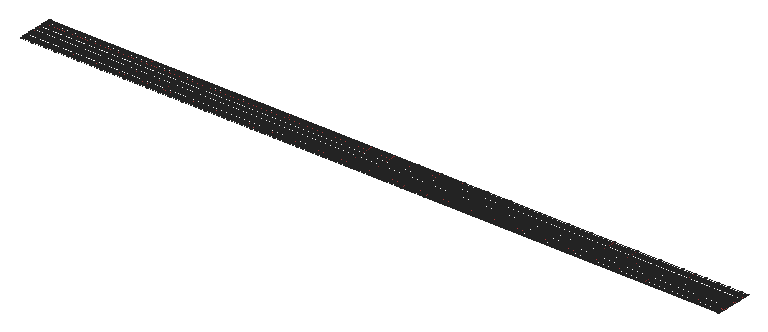
Revit family "Murfor Compact I-100 Masonry Reinforcement", category Specialty Equipment, Revit 2018
Family settings
  Round Connector Dimension = Use Diameter
  Part Type = Normal
  Work Plane-Based = No
  Always vertical = Yes
  Cut with Voids When Loaded = No
  Shared = No
  Room Calculation Point = No
Parameters (values of type "Murfor Compact I-100")
  Z = 101.50 mm
  Youngs Modulus - Gpa = 180
  Yield Strength - Mpa = 1770
  Y [instance] = X / 2  # 30
  X [instance] = Length L / Step c - 1  # 60
  Width - w = 100.00 mm
  Weight kg/ roll = "2.77kg per roll"
  URL = "https://www.bekaert.com/en/"
  Type Image = Murfor Compact I-100.PNG
  Type Comments = "A mesh consisting of 14 steel chords"
  Thickness - e = 1.75 mm
  Strain Agt = 2.2
  Step c = 33.00 mm
  Steel Section Total = 9.66 mm
  Pitch (short) - a = 7.50 mm
  Pitch (long) - b = 10.00 mm
  Material Coating Reference EN845-3 = "R20"
  Material = Murfor Galvanized Steel
  Manufacturer = "Bekaert"
  Longtidinal Cord = 0.69 mm
  Length L [instance] = 2000.00 mm
  Keynote = "Suitable for all mortar joints with thickness between 3mm & 12mm"
  Description = "Compact masonry reinforcement, steel chords on interwoven fibreglass roving"
  Datasheet = "https://www.bekaert.com/en/product-catalog/content/datasheets/Murfor-Compact"
  Application = "Murfor Compact I-100, made of Galvanized Steel, is suitable for masonry (clay bricks, concrete blocks) exposed to a dry environment (exposure class MX1, compliant with Eurocode 6?EN845-3)"
Reference planes
  plane 1 "Center (Front/Back)": y = 0
  plane 2: z = 0
  plane 3 "Center (Left/Right)": x = 0
  plane 4 "Center L/S": x = 2000
  plane 5 "Center L/T": y = 100
  plane 6 "Center L/U": y = 7.5
  plane 7 "Center L/V": y = 15
  plane 8 "Center L/X": y = 85
  plane 9 "Center L/Y": y = 92.5
  plane 10 "Center L/Z": y = -1.75
  plane 11 "Center L/AA": y = 101.75
  plane 12: z = 0.875
  plane 13 "Center L/BB": y = 22.5
  plane 14 "Center L/CC": y = 30
  plane 15 "Center L/DD": y = 37.5
  plane 16 "Center L/EE": y = 45
  plane 17 "Center L/FF": y = 70
  plane 18 "Center L/GG": y = 77.5
  plane 19 "Center L/HH": y = 55
  plane 20 "Center L/II": y = 62.5
Lines and regions (mm)
  symbolic lines, style "Masonry Reinforcement"
    curve 1: line (0, 101.75, 0) -> (2000, 101.75, 0)
    curve 2: line (0, -1.75, 0) -> (0, 101.75, 0)
    curve 3: line (2000, -1.75, 0) -> (0, -1.75, 0)
    curve 4: line (2000, 101.75, 0) -> (2000, -1.75, 0)
    curve 5: line (0, 85, 0) -> (2000, 85, 0)
    curve 6: line (0, 15, 0) -> (2000, 15, 0)
    curve 69: line (0, 30, 0) -> (2000, 30, 0)
    curve 70: line (0, 45, 0) -> (2000, 45, 0)
    curve 71: line (0, 70, 0) -> (2000, 70, 0)
    curve 72: line (0, 55, 0) -> (2000, 55, 0)
  symbolic lines
    curve 7: line (0, 0, 0) -> (33, 100.985, 0)
    curve 8: line (33, 100.985, 0) -> (66, -0.515, 0)
    curve 11: line (66, 0, 0) -> (99, 100.985, 0)
    curve 12: line (99, 100.985, 0) -> (132, -0.515, 0)
    curve 13: line (132, 0, 0) -> (165, 100.985, 0)
    curve 14: line (165, 100.985, 0) -> (198, -0.515, 0)
    curve 15: line (198, 0, 0) -> (231, 100.985, 0)
    curve 16: line (231, 100.985, 0) -> (264, -0.515, 0)
    curve 17: line (264, 0, 0) -> (297, 100.985, 0)
    curve 18: line (297, 100.985, 0) -> (330, -0.515, 0)
    curve 19: line (330, 0, 0) -> (363, 100.985, 0)
    curve 20: line (363, 100.985, 0) -> (396, -0.515, 0)
    curve 21: line (396, 0, 0) -> (429, 100.985, 0)
    curve 22: line (429, 100.985, 0) -> (462, -0.515, 0)
    curve 23: line (462, 0, 0) -> (495, 100.985, 0)
    curve 24: line (495, 100.985, 0) -> (528, -0.515, 0)
    curve 25: line (528, 0, 0) -> (561, 100.985, 0)
    curve 26: line (561, 100.985, 0) -> (594, -0.515, 0)
    curve 27: line (594, 0, 0) -> (627, 100.985, 0)
    curve 28: line (627, 100.985, 0) -> (660, -0.515, 0)
    curve 29: line (660, 0, 0) -> (693, 100.985, 0)
    curve 30: line (693, 100.985, 0) -> (726, -0.515, 0)
    curve 31: line (726, 0, 0) -> (759, 100.985, 0)
    curve 32: line (759, 100.985, 0) -> (792, -0.515, 0)
    curve 33: line (792, 0, 0) -> (825, 100.985, 0)
    curve 34: line (825, 100.985, 0) -> (858, -0.515, 0)
    curve 35: line (858, 0, 0) -> (891, 100.985, 0)
    curve 36: line (891, 100.985, 0) -> (924, -0.515, 0)
    curve 37: line (924, 0, 0) -> (957, 100.985, 0)
    curve 38: line (957, 100.985, 0) -> (990, -0.515, 0)
    curve 39: line (990, 0, 0) -> (1023, 100.985, 0)
    curve 40: line (1023, 100.985, 0) -> (1056, -0.515, 0)
    curve 41: line (1056, 0, 0) -> (1089, 100.985, 0)
    curve 42: line (1089, 100.985, 0) -> (1122, -0.515, 0)
    curve 43: line (1122, 0, 0) -> (1155, 100.985, 0)
    curve 44: line (1155, 100.985, 0) -> (1188, -0.515, 0)
    curve 45: line (1188, 0, 0) -> (1221, 100.985, 0)
    curve 46: line (1221, 100.985, 0) -> (1254, -0.515, 0)
    curve 47: line (1254, 0, 0) -> (1287, 100.985, 0)
    curve 48: line (1287, 100.985, 0) -> (1320, -0.515, 0)
    curve 49: line (1320, 0, 0) -> (1353, 100.985, 0)
    curve 50: line (1353, 100.985, 0) -> (1386, -0.515, 0)
    curve 51: line (1386, 0, 0) -> (1419, 100.985, 0)
    curve 52: line (1419, 100.985, 0) -> (1452, -0.515, 0)
    curve 53: line (1452, 0, 0) -> (1485, 100.985, 0)
    curve 54: line (1485, 100.985, 0) -> (1518, -0.515, 0)
    curve 55: line (1518, 0, 0) -> (1551, 100.985, 0)
    curve 56: line (1551, 100.985, 0) -> (1584, -0.515, 0)
    curve 57: line (1584, 0, 0) -> (1617, 100.985, 0)
    curve 58: line (1617, 100.985, 0) -> (1650, -0.515, 0)
    curve 59: line (1650, 0, 0) -> (1683, 100.985, 0)
    curve 60: line (1683, 100.985, 0) -> (1716, -0.515, 0)
    curve 61: line (1716, 0, 0) -> (1749, 100.985, 0)
    curve 62: line (1749, 100.985, 0) -> (1782, -0.515, 0)
    curve 63: line (1782, 0, 0) -> (1815, 100.985, 0)
    curve 64: line (1815, 100.985, 0) -> (1848, -0.515, 0)
    curve 65: line (1848, 0, 0) -> (1881, 100.985, 0)
    curve 66: line (1881, 100.985, 0) -> (1914, -0.515, 0)
    curve 67: line (1914, 0, 0) -> (1947, 100.985, 0)
    curve 68: line (1947, 100.985, 0) -> (1980, -0.515, 0)
  symbolic lines, not visible
    curve 9: line (0, 0, 0) -> (33, 100.985, 0)
    curve 10: line (33, 100.985, 0) -> (66, -0.515, 0)
Dimensions and locks
  "Length L": plane 3 "Center (Left/Right)" to plane 4 "Center L/S"
  "Width - w": plane 1 "Center (Front/Back)" to plane 5 "Center L/T"
  "Thickness - e": plane 5 "Center L/T" to plane 11 "Center L/AA"
  "Thickness - e": plane 10 "Center L/Z" to plane 1 "Center (Front/Back)"
  "Step c": plane 3 "Center (Left/Right)" to nested 7
  nested 7 to level = 0.00 mm
  equal spacing: group 1, group 3, group 4, group 5, group 6, group 7, group 8, group 9, group 10, group 11, group 12, group 13, group 14, group 15, group 16, group 17, group 18, group 19, group 20, group 21, group 22, group 23, group 24, group 25, group 26, group 27, group 28, group 29, group 30, group 31  (x3)
  equal spacing: group 32, group 33, group 34, group 35, group 36, group 37, group 38, group 39, group 40, group 41, group 42, group 43, group 44, group 45, group 46, group 47, group 48, group 49, group 50, group 51, group 52, group 53, group 54, group 55, group 56, group 57, group 58, group 59, group 60, group 61, group 62, group 63, group 64, group 65, group 66, group 67, group 68, group 69, group 70, group 71, group 72, group 73, group 74, group 75, group 76, group 77, group 78, group 79, group 80, group 81, group 82, group 83, group 84, group 85, group 86, group 87, group 88, group 89, group 90, group 91  (x3)
  "Pitch (short) - a": plane 1 "Center (Front/Back)" to plane 6 "Center L/U"
  "Pitch (short) - a": plane 6 "Center L/U" to plane 7 "Center L/V"
  "Pitch (short) - a": plane 7 "Center L/V" to plane 13 "Center L/BB"
  "Pitch (short) - a": plane 13 "Center L/BB" to plane 14 "Center L/CC"
  "Pitch (short) - a": plane 14 "Center L/CC" to plane 15 "Center L/DD"
  "Pitch (short) - a": plane 15 "Center L/DD" to plane 16 "Center L/EE"
  "Pitch (short) - a": plane 9 "Center L/Y" to plane 5 "Center L/T"
  "Pitch (short) - a": plane 8 "Center L/X" to plane 9 "Center L/Y"
  "Pitch (short) - a": plane 18 "Center L/GG" to plane 8 "Center L/X"
  "Pitch (short) - a": plane 17 "Center L/FF" to plane 18 "Center L/GG"
  "Pitch (short) - a": plane 19 "Center L/HH" to plane 20 "Center L/II"
  plane 16 "Center L/EE" to plane 19 "Center L/HH" = 10.00 mm
  "Pitch (short) - a": plane 20 "Center L/II" to plane 17 "Center L/FF"
  aligned and locked: level to plane 2
  aligned and locked: plane 1 "Center (Front/Back)" to nested 1
  aligned and locked: plane 3 "Center (Left/Right)" to nested 1
  aligned and locked: plane 5 "Center L/T" to nested 5
  aligned and locked: plane 3 "Center (Left/Right)" to nested 5
  aligned and locked: plane 3 "Center (Left/Right)" to nested 4
  aligned and locked: plane 3 "Center (Left/Right)" to nested 6
  aligned and locked: plane 3 "Center (Left/Right)" to nested 3
  aligned and locked: plane 3 "Center (Left/Right)" to nested 2
  aligned and locked: nested 1 to plane 3 "Center (Left/Right)"
  aligned and locked: plane 6 "Center L/U" to nested 2
  aligned and locked: plane 7 "Center L/V" to nested 3
  aligned and locked: plane 8 "Center L/X" to nested 6
  aligned and locked: plane 9 "Center L/Y" to nested 4
  aligned and locked: plane 4 "Center L/S" to nested 5
  aligned and locked: plane 4 "Center L/S" to nested 4
  aligned and locked: plane 4 "Center L/S" to nested 6
  aligned and locked: plane 4 "Center L/S" to nested 3
  aligned and locked: plane 4 "Center L/S" to nested 1
  aligned and locked: plane 4 "Center L/S" to nested 2
  aligned and locked: plane 11 "Center L/AA" to curve 1
  aligned and locked: plane 3 "Center (Left/Right)" to curve 2
  aligned and locked: curve 3 to plane 10 "Center L/Z"
  aligned and locked: curve 2 to curve 6
  aligned and locked: plane 4 "Center L/S" to curve 6
  aligned and locked: plane 13 "Center L/BB" to nested 67
  aligned and locked: plane 14 "Center L/CC" to nested 68
  aligned and locked: plane 15 "Center L/DD" to nested 69
  aligned and locked: plane 16 "Center L/EE" to nested 70
  aligned and locked: plane 17 "Center L/FF" to nested 72
  aligned and locked: plane 18 "Center L/GG" to nested 71
  aligned and locked: plane 19 "Center L/HH" to nested 74
  aligned and locked: plane 20 "Center L/II" to nested 73
Automatic sketch dimensions
  plane 7 "Center L/V" to curve 6 = 0.00 mm
  plane 14 "Center L/CC" to curve 69 = 0.00 mm
  plane 16 "Center L/EE" to curve 70 = 0.00 mm
  plane 19 "Center L/HH" to curve 72 = 0.00 mm
  plane 17 "Center L/FF" to curve 71 = 0.00 mm
  plane 8 "Center L/X" to curve 5 = 0.00 mm
  curve 7 to curve 8 = 33.00 mm
  curve 7 to curve 8 = 66.00 mm
  curve 8 to curve 7 = 0.515 mm
  curve 7 to curve 8 = 100.985 mm
  curve 9 to curve 10 = 33.00 mm
  curve 9 to curve 10 = 66.00 mm
  curve 10 to curve 9 = 0.515 mm
  curve 9 to curve 10 = 100.985 mm
  curve 11 to curve 12 = 33.00 mm
  curve 11 to curve 12 = 66.00 mm
  curve 12 to curve 11 = 0.515 mm
  curve 11 to curve 12 = 100.985 mm
  curve 13 to curve 14 = 33.00 mm
  curve 13 to curve 14 = 66.00 mm
  curve 14 to curve 13 = 0.515 mm
  curve 13 to curve 14 = 100.985 mm
  curve 15 to curve 16 = 33.00 mm
  curve 15 to curve 16 = 66.00 mm
  curve 16 to curve 15 = 0.515 mm
  curve 15 to curve 16 = 100.985 mm
  curve 17 to curve 18 = 33.00 mm
  curve 17 to curve 18 = 66.00 mm
  curve 18 to curve 17 = 0.515 mm
  curve 17 to curve 18 = 100.985 mm
  curve 19 to curve 20 = 33.00 mm
  curve 19 to curve 20 = 66.00 mm
  curve 20 to curve 19 = 0.515 mm
  curve 19 to curve 20 = 100.985 mm
  curve 21 to curve 22 = 33.00 mm
  curve 21 to curve 22 = 66.00 mm
  curve 22 to curve 21 = 0.515 mm
  curve 21 to curve 22 = 100.985 mm
  curve 23 to curve 24 = 33.00 mm
  curve 23 to curve 24 = 66.00 mm
  curve 24 to curve 23 = 0.515 mm
  curve 23 to curve 24 = 100.985 mm
  curve 25 to curve 26 = 33.00 mm
  curve 25 to curve 26 = 66.00 mm
  curve 26 to curve 25 = 0.515 mm
  curve 25 to curve 26 = 100.985 mm
  curve 27 to curve 28 = 33.00 mm
  curve 27 to curve 28 = 66.00 mm
  curve 28 to curve 27 = 0.515 mm
  curve 27 to curve 28 = 100.985 mm
  curve 29 to curve 30 = 33.00 mm
  curve 29 to curve 30 = 66.00 mm
  curve 30 to curve 29 = 0.515 mm
  curve 29 to curve 30 = 100.985 mm
  curve 31 to curve 32 = 33.00 mm
  curve 31 to curve 32 = 66.00 mm
  curve 32 to curve 31 = 0.515 mm
  curve 31 to curve 32 = 100.985 mm
  curve 33 to curve 34 = 33.00 mm
  curve 33 to curve 34 = 66.00 mm
  curve 34 to curve 33 = 0.515 mm
  curve 33 to curve 34 = 100.985 mm
  curve 35 to curve 36 = 33.00 mm
  curve 35 to curve 36 = 66.00 mm
  curve 36 to curve 35 = 0.515 mm
  curve 35 to curve 36 = 100.985 mm
  curve 37 to curve 38 = 33.00 mm
  curve 37 to curve 38 = 66.00 mm
  curve 38 to curve 37 = 0.515 mm
  curve 37 to curve 38 = 100.985 mm
  curve 39 to curve 40 = 33.00 mm
  curve 39 to curve 40 = 66.00 mm
  curve 40 to curve 39 = 0.515 mm
  curve 39 to curve 40 = 100.985 mm
  curve 41 to curve 42 = 33.00 mm
  curve 41 to curve 42 = 66.00 mm
  curve 42 to curve 41 = 0.515 mm
  curve 41 to curve 42 = 100.985 mm
  curve 43 to curve 44 = 33.00 mm
  curve 43 to curve 44 = 66.00 mm
  curve 44 to curve 43 = 0.515 mm
  curve 43 to curve 44 = 100.985 mm
  curve 45 to curve 46 = 33.00 mm
  curve 45 to curve 46 = 66.00 mm
  curve 46 to curve 45 = 0.515 mm
  curve 45 to curve 46 = 100.985 mm
  curve 47 to curve 48 = 33.00 mm
  curve 47 to curve 48 = 66.00 mm
  curve 48 to curve 47 = 0.515 mm
  curve 47 to curve 48 = 100.985 mm
  curve 49 to curve 50 = 33.00 mm
  curve 49 to curve 50 = 66.00 mm
  curve 50 to curve 49 = 0.515 mm
  curve 49 to curve 50 = 100.985 mm
  curve 51 to curve 52 = 33.00 mm
  curve 51 to curve 52 = 66.00 mm
  curve 52 to curve 51 = 0.515 mm
  curve 51 to curve 52 = 100.985 mm
  curve 53 to curve 54 = 33.00 mm
  curve 53 to curve 54 = 66.00 mm
  curve 54 to curve 53 = 0.515 mm
  curve 53 to curve 54 = 100.985 mm
  curve 55 to curve 56 = 33.00 mm
  curve 55 to curve 56 = 66.00 mm
  curve 56 to curve 55 = 0.515 mm
  curve 55 to curve 56 = 100.985 mm
  curve 57 to curve 58 = 33.00 mm
  curve 57 to curve 58 = 66.00 mm
  curve 58 to curve 57 = 0.515 mm
  curve 57 to curve 58 = 100.985 mm
  curve 59 to curve 60 = 33.00 mm
  curve 59 to curve 60 = 66.00 mm
  curve 60 to curve 59 = 0.515 mm
  curve 59 to curve 60 = 100.985 mm
  curve 61 to curve 62 = 33.00 mm
  curve 61 to curve 62 = 66.00 mm
  curve 62 to curve 61 = 0.515 mm
  curve 61 to curve 62 = 100.985 mm
  curve 63 to curve 64 = 33.00 mm
  curve 63 to curve 64 = 66.00 mm
  curve 64 to curve 63 = 0.515 mm
  curve 63 to curve 64 = 100.985 mm
  curve 65 to curve 66 = 33.00 mm
  curve 65 to curve 66 = 66.00 mm
  curve 66 to curve 65 = 0.515 mm
  curve 65 to curve 66 = 100.985 mm
  curve 67 to curve 68 = 33.00 mm
  curve 67 to curve 68 = 66.00 mm
  curve 68 to curve 67 = 0.515 mm
  curve 67 to curve 68 = 100.985 mm
Nested families
  nested 1: "Murfor Cord Section" at (0, 0, 0), Material <- "Material", type "Murfor Cord Section"
    with Material Murfor Galvanized Steel, Length 2000.00 mm
  nested 2: "Murfor Cord Section" at (0, 7.5, 0), Material <- "Material", type "Murfor Cord Section"
    with Material Murfor Galvanized Steel, Length 2000.00 mm
  nested 3: "Murfor Cord Section" at (0, 15, 0), Material <- "Material", type "Murfor Cord Section"
    with Material Murfor Galvanized Steel, Length 2000.00 mm
  nested 4: "Murfor Cord Section" at (0, 92.5, 0), Material <- "Material", type "Murfor Cord Section"
    with Material Murfor Galvanized Steel, Length 2000.00 mm
  nested 5: "Murfor Cord Section" at (0, 100, 0), Material <- "Material", type "Murfor Cord Section"
    with Material Murfor Galvanized Steel, Length 2000.00 mm
  nested 6: "Murfor Cord Section" at (0, 85, 0), Material <- "Material", type "Murfor Cord Section"
    with Material Murfor Galvanized Steel, Length 2000.00 mm
  nested 7: "Murfor Cord Section" at (33, -0.515, 0) x (0, 1, 0) z (0, 0, 1), Length <- "Z", type "Murfor Cord Cross Section"
    with Material Murfor Galvanized Steel, Length 101.50 mm
  nested 8: "Murfor Cord Section" at (66, -0.515, 0) x (0, 1, 0) z (0, 0, 1), Length <- "Z", type "Murfor Cord Cross Section"
    with Material Murfor Galvanized Steel, Length 101.50 mm
  nested 9: "Murfor Cord Section" at (99, -0.515, 0) x (0, 1, 0) z (0, 0, 1), Length <- "Z", type "Murfor Cord Cross Section"
    with Material Murfor Galvanized Steel, Length 101.50 mm
  nested 10: "Murfor Cord Section" at (132, -0.515, 0) x (0, 1, 0) z (0, 0, 1), Length <- "Z", type "Murfor Cord Cross Section"
    with Material Murfor Galvanized Steel, Length 101.50 mm
  nested 11: "Murfor Cord Section" at (165, -0.515, 0) x (0, 1, 0) z (0, 0, 1), Length <- "Z", type "Murfor Cord Cross Section"
    with Material Murfor Galvanized Steel, Length 101.50 mm
  nested 12: "Murfor Cord Section" at (198, -0.515, 0) x (0, 1, 0) z (0, 0, 1), Length <- "Z", type "Murfor Cord Cross Section"
    with Material Murfor Galvanized Steel, Length 101.50 mm
  nested 13: "Murfor Cord Section" at (231, -0.515, 0) x (0, 1, 0) z (0, 0, 1), Length <- "Z", type "Murfor Cord Cross Section"
    with Material Murfor Galvanized Steel, Length 101.50 mm
  nested 14: "Murfor Cord Section" at (264, -0.515, 0) x (0, 1, 0) z (0, 0, 1), Length <- "Z", type "Murfor Cord Cross Section"
    with Material Murfor Galvanized Steel, Length 101.50 mm
  nested 15: "Murfor Cord Section" at (297, -0.515, 0) x (0, 1, 0) z (0, 0, 1), Length <- "Z", type "Murfor Cord Cross Section"
    with Material Murfor Galvanized Steel, Length 101.50 mm
  nested 16: "Murfor Cord Section" at (330, -0.515, 0) x (0, 1, 0) z (0, 0, 1), Length <- "Z", type "Murfor Cord Cross Section"
    with Material Murfor Galvanized Steel, Length 101.50 mm
  nested 17: "Murfor Cord Section" at (363, -0.515, 0) x (0, 1, 0) z (0, 0, 1), Length <- "Z", type "Murfor Cord Cross Section"
    with Material Murfor Galvanized Steel, Length 101.50 mm
  nested 18: "Murfor Cord Section" at (396, -0.515, 0) x (0, 1, 0) z (0, 0, 1), Length <- "Z", type "Murfor Cord Cross Section"
    with Material Murfor Galvanized Steel, Length 101.50 mm
  nested 19: "Murfor Cord Section" at (429, -0.515, 0) x (0, 1, 0) z (0, 0, 1), Length <- "Z", type "Murfor Cord Cross Section"
    with Material Murfor Galvanized Steel, Length 101.50 mm
  nested 20: "Murfor Cord Section" at (462, -0.515, 0) x (0, 1, 0) z (0, 0, 1), Length <- "Z", type "Murfor Cord Cross Section"
    with Material Murfor Galvanized Steel, Length 101.50 mm
  nested 21: "Murfor Cord Section" at (495, -0.515, 0) x (0, 1, 0) z (0, 0, 1), Length <- "Z", type "Murfor Cord Cross Section"
    with Material Murfor Galvanized Steel, Length 101.50 mm
  nested 22: "Murfor Cord Section" at (528, -0.515, 0) x (0, 1, 0) z (0, 0, 1), Length <- "Z", type "Murfor Cord Cross Section"
    with Material Murfor Galvanized Steel, Length 101.50 mm
  nested 23: "Murfor Cord Section" at (561, -0.515, 0) x (0, 1, 0) z (0, 0, 1), Length <- "Z", type "Murfor Cord Cross Section"
    with Material Murfor Galvanized Steel, Length 101.50 mm
  nested 24: "Murfor Cord Section" at (594, -0.515, 0) x (0, 1, 0) z (0, 0, 1), Length <- "Z", type "Murfor Cord Cross Section"
    with Material Murfor Galvanized Steel, Length 101.50 mm
  nested 25: "Murfor Cord Section" at (627, -0.515, 0) x (0, 1, 0) z (0, 0, 1), Length <- "Z", type "Murfor Cord Cross Section"
    with Material Murfor Galvanized Steel, Length 101.50 mm
  nested 26: "Murfor Cord Section" at (660, -0.515, 0) x (0, 1, 0) z (0, 0, 1), Length <- "Z", type "Murfor Cord Cross Section"
    with Material Murfor Galvanized Steel, Length 101.50 mm
  nested 27: "Murfor Cord Section" at (693, -0.515, 0) x (0, 1, 0) z (0, 0, 1), Length <- "Z", type "Murfor Cord Cross Section"
    with Material Murfor Galvanized Steel, Length 101.50 mm
  nested 28: "Murfor Cord Section" at (726, -0.515, 0) x (0, 1, 0) z (0, 0, 1), Length <- "Z", type "Murfor Cord Cross Section"
    with Material Murfor Galvanized Steel, Length 101.50 mm
  nested 29: "Murfor Cord Section" at (759, -0.515, 0) x (0, 1, 0) z (0, 0, 1), Length <- "Z", type "Murfor Cord Cross Section"
    with Material Murfor Galvanized Steel, Length 101.50 mm
  nested 30: "Murfor Cord Section" at (792, -0.515, 0) x (0, 1, 0) z (0, 0, 1), Length <- "Z", type "Murfor Cord Cross Section"
    with Material Murfor Galvanized Steel, Length 101.50 mm
  nested 31: "Murfor Cord Section" at (825, -0.515, 0) x (0, 1, 0) z (0, 0, 1), Length <- "Z", type "Murfor Cord Cross Section"
    with Material Murfor Galvanized Steel, Length 101.50 mm
  nested 32: "Murfor Cord Section" at (858, -0.515, 0) x (0, 1, 0) z (0, 0, 1), Length <- "Z", type "Murfor Cord Cross Section"
    with Material Murfor Galvanized Steel, Length 101.50 mm
  nested 33: "Murfor Cord Section" at (891, -0.515, 0) x (0, 1, 0) z (0, 0, 1), Length <- "Z", type "Murfor Cord Cross Section"
    with Material Murfor Galvanized Steel, Length 101.50 mm
  nested 34: "Murfor Cord Section" at (924, -0.515, 0) x (0, 1, 0) z (0, 0, 1), Length <- "Z", type "Murfor Cord Cross Section"
    with Material Murfor Galvanized Steel, Length 101.50 mm
  nested 35: "Murfor Cord Section" at (957, -0.515, 0) x (0, 1, 0) z (0, 0, 1), Length <- "Z", type "Murfor Cord Cross Section"
    with Material Murfor Galvanized Steel, Length 101.50 mm
  nested 36: "Murfor Cord Section" at (990, -0.515, 0) x (0, 1, 0) z (0, 0, 1), Length <- "Z", type "Murfor Cord Cross Section"
    with Material Murfor Galvanized Steel, Length 101.50 mm
  nested 37: "Murfor Cord Section" at (1023, -0.515, 0) x (0, 1, 0) z (0, 0, 1), Length <- "Z", type "Murfor Cord Cross Section"
    with Material Murfor Galvanized Steel, Length 101.50 mm
  nested 38: "Murfor Cord Section" at (1056, -0.515, 0) x (0, 1, 0) z (0, 0, 1), Length <- "Z", type "Murfor Cord Cross Section"
    with Material Murfor Galvanized Steel, Length 101.50 mm
  nested 39: "Murfor Cord Section" at (1089, -0.515, 0) x (0, 1, 0) z (0, 0, 1), Length <- "Z", type "Murfor Cord Cross Section"
    with Material Murfor Galvanized Steel, Length 101.50 mm
  nested 40: "Murfor Cord Section" at (1122, -0.515, 0) x (0, 1, 0) z (0, 0, 1), Length <- "Z", type "Murfor Cord Cross Section"
    with Material Murfor Galvanized Steel, Length 101.50 mm
  nested 41: "Murfor Cord Section" at (1155, -0.515, 0) x (0, 1, 0) z (0, 0, 1), Length <- "Z", type "Murfor Cord Cross Section"
    with Material Murfor Galvanized Steel, Length 101.50 mm
  nested 42: "Murfor Cord Section" at (1188, -0.515, 0) x (0, 1, 0) z (0, 0, 1), Length <- "Z", type "Murfor Cord Cross Section"
    with Material Murfor Galvanized Steel, Length 101.50 mm
  nested 43: "Murfor Cord Section" at (1221, -0.515, 0) x (0, 1, 0) z (0, 0, 1), Length <- "Z", type "Murfor Cord Cross Section"
    with Material Murfor Galvanized Steel, Length 101.50 mm
  nested 44: "Murfor Cord Section" at (1254, -0.515, 0) x (0, 1, 0) z (0, 0, 1), Length <- "Z", type "Murfor Cord Cross Section"
    with Material Murfor Galvanized Steel, Length 101.50 mm
  nested 45: "Murfor Cord Section" at (1287, -0.515, 0) x (0, 1, 0) z (0, 0, 1), Length <- "Z", type "Murfor Cord Cross Section"
    with Material Murfor Galvanized Steel, Length 101.50 mm
  nested 46: "Murfor Cord Section" at (1320, -0.515, 0) x (0, 1, 0) z (0, 0, 1), Length <- "Z", type "Murfor Cord Cross Section"
    with Material Murfor Galvanized Steel, Length 101.50 mm
  nested 47: "Murfor Cord Section" at (1353, -0.515, 0) x (0, 1, 0) z (0, 0, 1), Length <- "Z", type "Murfor Cord Cross Section"
    with Material Murfor Galvanized Steel, Length 101.50 mm
  nested 48: "Murfor Cord Section" at (1386, -0.515, 0) x (0, 1, 0) z (0, 0, 1), Length <- "Z", type "Murfor Cord Cross Section"
    with Material Murfor Galvanized Steel, Length 101.50 mm
  nested 49: "Murfor Cord Section" at (1419, -0.515, 0) x (0, 1, 0) z (0, 0, 1), Length <- "Z", type "Murfor Cord Cross Section"
    with Material Murfor Galvanized Steel, Length 101.50 mm
  nested 50: "Murfor Cord Section" at (1452, -0.515, 0) x (0, 1, 0) z (0, 0, 1), Length <- "Z", type "Murfor Cord Cross Section"
    with Material Murfor Galvanized Steel, Length 101.50 mm
  nested 51: "Murfor Cord Section" at (1485, -0.515, 0) x (0, 1, 0) z (0, 0, 1), Length <- "Z", type "Murfor Cord Cross Section"
    with Material Murfor Galvanized Steel, Length 101.50 mm
  nested 52: "Murfor Cord Section" at (1518, -0.515, 0) x (0, 1, 0) z (0, 0, 1), Length <- "Z", type "Murfor Cord Cross Section"
    with Material Murfor Galvanized Steel, Length 101.50 mm
  nested 53: "Murfor Cord Section" at (1551, -0.515, 0) x (0, 1, 0) z (0, 0, 1), Length <- "Z", type "Murfor Cord Cross Section"
    with Material Murfor Galvanized Steel, Length 101.50 mm
  nested 54: "Murfor Cord Section" at (1584, -0.515, 0) x (0, 1, 0) z (0, 0, 1), Length <- "Z", type "Murfor Cord Cross Section"
    with Material Murfor Galvanized Steel, Length 101.50 mm
  nested 55: "Murfor Cord Section" at (1617, -0.515, 0) x (0, 1, 0) z (0, 0, 1), Length <- "Z", type "Murfor Cord Cross Section"
    with Material Murfor Galvanized Steel, Length 101.50 mm
  nested 56: "Murfor Cord Section" at (1650, -0.515, 0) x (0, 1, 0) z (0, 0, 1), Length <- "Z", type "Murfor Cord Cross Section"
    with Material Murfor Galvanized Steel, Length 101.50 mm
  nested 57: "Murfor Cord Section" at (1683, -0.515, 0) x (0, 1, 0) z (0, 0, 1), Length <- "Z", type "Murfor Cord Cross Section"
    with Material Murfor Galvanized Steel, Length 101.50 mm
  nested 58: "Murfor Cord Section" at (1716, -0.515, 0) x (0, 1, 0) z (0, 0, 1), Length <- "Z", type "Murfor Cord Cross Section"
    with Material Murfor Galvanized Steel, Length 101.50 mm
  nested 59: "Murfor Cord Section" at (1749, -0.515, 0) x (0, 1, 0) z (0, 0, 1), Length <- "Z", type "Murfor Cord Cross Section"
    with Material Murfor Galvanized Steel, Length 101.50 mm
  nested 60: "Murfor Cord Section" at (1782, -0.515, 0) x (0, 1, 0) z (0, 0, 1), Length <- "Z", type "Murfor Cord Cross Section"
    with Material Murfor Galvanized Steel, Length 101.50 mm
  nested 61: "Murfor Cord Section" at (1815, -0.515, 0) x (0, 1, 0) z (0, 0, 1), Length <- "Z", type "Murfor Cord Cross Section"
    with Material Murfor Galvanized Steel, Length 101.50 mm
  nested 62: "Murfor Cord Section" at (1848, -0.515, 0) x (0, 1, 0) z (0, 0, 1), Length <- "Z", type "Murfor Cord Cross Section"
    with Material Murfor Galvanized Steel, Length 101.50 mm
  nested 63: "Murfor Cord Section" at (1881, -0.515, 0) x (0, 1, 0) z (0, 0, 1), Length <- "Z", type "Murfor Cord Cross Section"
    with Material Murfor Galvanized Steel, Length 101.50 mm
  nested 64: "Murfor Cord Section" at (1914, -0.515, 0) x (0, 1, 0) z (0, 0, 1), Length <- "Z", type "Murfor Cord Cross Section"
    with Material Murfor Galvanized Steel, Length 101.50 mm
  nested 65: "Murfor Cord Section" at (1947, -0.515, 0) x (0, 1, 0) z (0, 0, 1), Length <- "Z", type "Murfor Cord Cross Section"
    with Material Murfor Galvanized Steel, Length 101.50 mm
  nested 66: "Murfor Cord Section" at (1980, -0.515, 0) x (0, 1, 0) z (0, 0, 1), Length <- "Z", type "Murfor Cord Cross Section"
    with Material Murfor Galvanized Steel, Length 101.50 mm
  nested 67: "Murfor Cord Section" at (0, 22.5, 0), Material <- "Material", type "Murfor Cord Section"
    with Material Murfor Galvanized Steel, Length 2000.00 mm
  nested 68: "Murfor Cord Section" at (0, 30, 0), Material <- "Material", type "Murfor Cord Section"
    with Material Murfor Galvanized Steel, Length 2000.00 mm
  nested 69: "Murfor Cord Section" at (0, 37.5, 0), Material <- "Material", type "Murfor Cord Section"
    with Material Murfor Galvanized Steel, Length 2000.00 mm
  nested 70: "Murfor Cord Section" at (0, 45, 0), Material <- "Material", type "Murfor Cord Section"
    with Material Murfor Galvanized Steel, Length 2000.00 mm
  nested 71: "Murfor Cord Section" at (0, 77.5, 0), Material <- "Material", type "Murfor Cord Section"
    with Material Murfor Galvanized Steel, Length 2000.00 mm
  nested 72: "Murfor Cord Section" at (0, 70, 0), Material <- "Material", type "Murfor Cord Section"
    with Material Murfor Galvanized Steel, Length 2000.00 mm
  nested 73: "Murfor Cord Section" at (0, 62.5, 0), Material <- "Material", type "Murfor Cord Section"
    with Material Murfor Galvanized Steel, Length 2000.00 mm
  nested 74: "Murfor Cord Section" at (0, 55, 0), Material <- "Material", type "Murfor Cord Section"
    with Material Murfor Galvanized Steel, Length 2000.00 mm
Definition of nested family "Murfor Cord Section"
  Parameters (values of type "Murfor Cord Section")
    Thickness - e = 1.75 mm
    Material [instance] = none
    Length [instance] = 1000.00 mm
  Types (2, lengths in mm): name | Thickness - e
    Murfor Cord Section | 1.75
    Murfor Cord Cross Section | 0.90
  Reference planes
    plane 1 "Center (Front/Back)": y = 0
    plane 2: z = 0
    plane 3 "Center (Left/Right)": x = 0
    plane 4: x = 1000
  Forms (mm)
    Extrusion 1, solid, material <- "Material"
      sketch origin (0, 0, 0) x (0, 1, 0) y (0, 0, 1)
        loop
          circle (0, 0) r 0.875
      from 0 to 1000
  Dimensions and locks
    "Length": plane 3 "Center (Left/Right)" to plane 4
    "Thickness - e": diameter of Extrusion 1 sketch curve
    aligned and locked: level to plane 2
    aligned and locked: Extrusion 1 to plane 3 "Center (Left/Right)"
    aligned and locked: plane 4 to Extrusion 1
  Automatic sketch dimensions
    Extrusion 1 sketch curve to level = 0.00 mm
    Extrusion 1 sketch curve to plane 1 "Center (Front/Back)" = 0.00 mm
